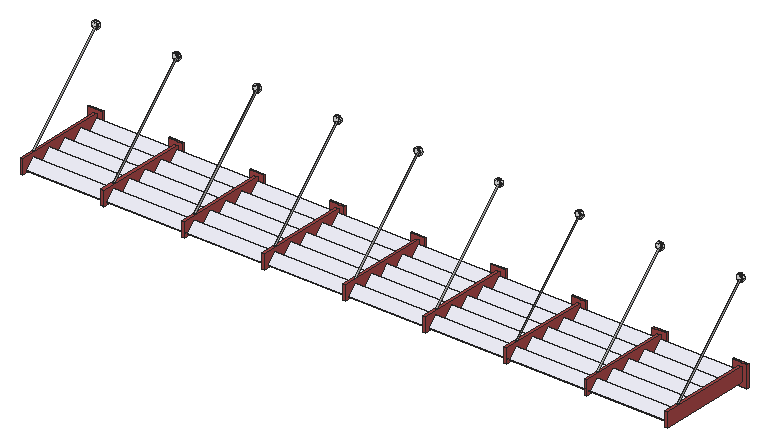
Revit family "rac_advanced_sample_family", category Generic Models, Revit 2016
Family settings
  Part Type = Normal
  Can host rebar = No
  Round Connector Dimension = Use Diameter
  Cut with Voids When Loaded = No
  Shared = No
  Room Calculation Point = No
Parameters (values of type "M_Solar_Shade_Complete")
  Window_Sill_Height [instance] = 1000 mm
  Support_Length [instance] = roundup((Shadow_Length / 1 mm) * tan(Rel_Angle)) * 1 mm  # 653 mm
  Support_Hanger [instance] = Support_Length > 400 mm  # yes
  Sun_Angle [instance] = 65.00°
  Shadow_Length [instance] = Mounting_Height - Window_Sill_Height  # 1400 mm
  Shade_Factor [instance] = if(Desired_Shading_Percent < 65, "Low", if(Desired_Shading_Percent < 79, "Med.", if(Desired_Shading_Percent < 99, "High", "Max.")))  # "Med."
  Rel_Angle [instance] = 90.00° - Sun_Angle  # 25.00°
  Number of Supports [instance] = ([built-in parameter 1001306] / Max_Support_Spacing) + 1  # 9
  Mounting_Height [instance] = 2400 mm
  Max_Support_Spacing [instance] = 600 mm
  Max Louver Spacing [instance] = Support_Length - (Support_Length * (Desired_Shading_Percent * 0.01))  # 163.25 mm
  Louver Number [instance] = (Support_Length / Max Louver Spacing) + 1  # 5
  built-in parameter 1001306 [instance] = 4500 mm
  Desired_Shading_Percent [instance] = 75
  Assembly Code = ""
Reference planes
  plane 1 "Center (Front/Back)": y = 0
  plane 2: z = 0
  plane 3 "Left": x = 0
  plane 4 "Right": x = 4500
  plane 5: z = 2400
  plane 6: y = -653
  plane 7: y = -603
  plane 8: y = -50
Lines and regions (mm)
  reference lines
    curve 1: line (0, 0, 0) -> (4500, 0, 0)
  symbolic lines, style "Overhead"
    curve 2: line (0, -653, 0) -> (4500, -653, 0)
Dimensions and locks
  "built-in parameter 1001306": plane 3 "Left" to plane 4 "Right"
  "Mounting_Height": plane 5 to level
  "Support_Length": plane 6 to plane 1 "Center (Front/Back)"
  equal spacing: group 1, group 3, group 4, group 5, group 6, group 9, group 10, group 11, group 2  (x3)
  locked: plane 6 to plane 7 at 50
  locked: plane 8 to plane 1 "Center (Front/Back)" at 50
  equal spacing: group 7, group 12, group 13, group 14, group 8  (x2)
  equal spacing: group 8, group 14, group 13, group 12, group 7
  aligned and locked: plane 4 "Right" to curve 1
  aligned and locked: plane 1 "Center (Front/Back)" to curve 1
  aligned and locked: plane 3 "Left" to curve 1
  aligned and locked: plane 1 "Center (Front/Back)" to nested 1
  aligned and locked: plane 3 "Left" to nested 1
  aligned and locked: plane 5 to nested 1
  aligned and locked: nested 2 to plane 4 "Right"
  aligned and locked: nested 2 to plane 5
  aligned and locked: plane 3 "Left" to nested 5
  aligned and locked: plane 5 to nested 5
  aligned and locked: nested 5 to plane 8
  aligned and locked: nested 8 to plane 7
  aligned and locked: plane 5 to nested 8
  aligned and locked: plane 3 "Left" to curve 2
  aligned and locked: curve 2 to plane 4 "Right"
  aligned and locked: curve 2 to plane 6
Nested families
  nested 1: "Support Beam" at (0, 0, 2400), Hanger_Visible <- "Support_Hanger", type "Hung Support"
    with Hanger_Visible yes, Support Length 653 mm
  nested 2: "Support Beam" at (4500, 0, 2400), Hanger_Visible <- "Support_Hanger", type "Hung Support"
    with Hanger_Visible yes, Support Length 653 mm
  nested 3: "Support Beam" at (562.5, 0, 2400), Hanger_Visible <- "Support_Hanger", type "Hung Support"
    with Hanger_Visible yes, Support Length 653 mm
  nested 4: "Support Beam" at (1125, 0, 2400), Hanger_Visible <- "Support_Hanger", type "Hung Support"
    with Hanger_Visible yes, Support Length 653 mm
  nested 5: "Louver" at (0, -50, 2400), type "Louver"
    with Length 4500 mm
  nested 6: "Support Beam" at (1687.5, 0, 2400), Hanger_Visible <- "Support_Hanger", type "Hung Support"
    with Hanger_Visible yes, Support Length 653 mm
  nested 7: "Support Beam" at (2250, 0, 2400), Hanger_Visible <- "Support_Hanger", type "Hung Support"
    with Hanger_Visible yes, Support Length 653 mm
  nested 8: "Louver" at (0, -603, 2400), type "Louver"
    with Length 4500 mm
  nested 9: "Support Beam" at (2812.5, 0, 2400), Hanger_Visible <- "Support_Hanger", type "Hung Support"
    with Hanger_Visible yes, Support Length 653 mm
  nested 10: "Support Beam" at (3375, 0, 2400), Hanger_Visible <- "Support_Hanger", type "Hung Support"
    with Hanger_Visible yes, Support Length 653 mm
  nested 11: "Support Beam" at (3937.5, 0, 2400), Hanger_Visible <- "Support_Hanger", type "Hung Support"
    with Hanger_Visible yes, Support Length 653 mm
  nested 12: "Louver" at (0, -188.25, 2400), type "Louver"
    with Length 4500 mm
  nested 13: "Louver" at (0, -326.5, 2400), type "Louver"
    with Length 4500 mm
  nested 14: "Louver" at (0, -464.75, 2400), type "Louver"
    with Length 4500 mm
Definition of nested family "Support Beam"
  Parameters
    Support Length = 642 mm
    Mounting Height = 2400 mm
    Hanger_Visible [instance] = yes
    Assembly Code = ""
  Reference planes
    plane 1 "Center (Front/Back)": y = 0
    plane 2: z = 0
    plane 3 "Center (Left/Right)": x = 0
    plane 4 "Left Edge": x = -10
    plane 5 "Right Edge": x = 10
    plane 6: y = -642
    plane 7: y = -542
    plane 8: z = 600
    plane 9: z = -600
    plane 10: z = -2400
  Forms (mm)
    Extrusion 1, solid
      sketch origin (0, 0, 0) x (1, 0, 0) y (0, 0, 1)
        loop
          line (-50, 75) -> (-50, -75) -> (50, -75) -> (50, 75) -> (-50, 75)
      from 0 to 10
    Extrusion 2, solid
      sketch origin (-10, 0, 0) x (0, 1, 0) y (0, 0, 1)
        loop
          line (-642, 50) -> (-642, -50) -> (0, -50) -> (0, 50) -> (-642, 50)
      from 0 to 20
    Sweep 3, solid, visible <- "Hanger_Visible"
      path origin (0, 0, 0) x (0, 1, 0) y (0, 0, 1)
        loop
          line (-542, 50) -> (0, 600)
      profile origin (0, -271, 325) x (0, -0.712268, 0.701908) y (1, 0, 0)
        loop
          circle (0, 0) r 4
    Extrusion 4, solid, visible <- "Hanger_Visible"
      sketch origin (0, 0, 0) x (1, 0, 0) y (0, 0, 1)
        loop
          circle (0, 600) r 25
      from 0 to 10
    Extrusion 5, solid, visible <- "Hanger_Visible"
      sketch origin (0, 0, 0) x (1, 0, 0) y (0, 0, 1)
        loop
          circle (0, 600) r 19
      from 0 to 15
  Lines and regions (mm)
    symbolic lines
      curve 1: line (0, 0, 0) -> (0, -542, 0)
    model lines
      curve 2: line (0, 0, 0) -> (0, 0, -2400)
  Dimensions and locks
    "Support Length": plane 6 to plane 1 "Center (Front/Back)"
    locked: plane 6 to plane 7 at 100
    locked: plane 8 to level at 600
    locked: level to plane 9 at 600
    "Mounting Height": plane 2 to plane 10
    aligned and locked: plane 1 "Center (Front/Back)" to Extrusion 2 sketch curve
    aligned and locked: plane 6 to Extrusion 2 sketch curve
    aligned and locked: Extrusion 2 to Sweep 3 sketch curve
    aligned and locked: plane 1 "Center (Front/Back)" to Sweep 3 sketch curve
    aligned and locked: plane 1 "Center (Front/Back)" to curve 1
    aligned and locked: plane 7 to curve 1
    aligned and locked: curve 1 to plane 3 "Center (Left/Right)"
    aligned and locked: plane 2 to curve 2
    aligned and locked: plane 10 to curve 2
    aligned and locked: curve 2 to plane 3 "Center (Left/Right)"
  Automatic sketch dimensions
    Extrusion 1 sketch curve to plane 4 "Left Edge" = 40 mm
    plane 5 "Right Edge" to Extrusion 1 sketch curve = 40 mm
    Extrusion 1 sketch curve to level = 75 mm
    level to Extrusion 1 sketch curve = 75 mm
    Extrusion 2 sketch curve to level = 50 mm
    level to Extrusion 2 sketch curve = 50 mm
    Sweep 3 sketch curve to plane 7 = 0 mm
    Sweep 3 sketch curve to plane 8 = 0 mm
    Sweep 3 sketch curve to plane 3 "Center (Left/Right)" = 0 mm
    Sweep 3 sketch curve to profile plane = 0 mm
    Extrusion 4 sketch curve to plane 3 "Center (Left/Right)" = 0 mm
    Extrusion 4 sketch curve to plane 8 = 0 mm
    Extrusion 5 sketch curve to plane 3 "Center (Left/Right)" = 0 mm
    Extrusion 5 sketch curve to plane 8 = 0 mm
    radius of Sweep 3 sketch curve = 4 mm
    radius of Extrusion 4 sketch curve = 25 mm
    radius of Extrusion 5 sketch curve = 19 mm
Definition of nested family "Louver"
  Parameters
    Length = 1500 mm
  Reference planes
    plane 1 "Center (Front/Back)": y = 0
    plane 2: z = 0
    plane 3 "Center (Left/Right)": x = 0
    plane 4: x = 1500
  Forms (mm)
    Extrusion 1, solid
      sketch origin (0, 0, 0) x (0, 1, 0) y (0, 0, 1)
        loop
          line (-30.052, -30.052) -> (-22.981, -37.123) -> (37.123, 22.981) -> (30.052, 30.052) -> (-30.052, -30.052)
      from 0 to 1500
  Dimensions and locks
    "Length": plane 3 "Center (Left/Right)" to plane 4
    aligned and locked: plane 4 to Extrusion 1
  Automatic sketch dimensions
    plane 1 "Center (Front/Back)" to Extrusion 1 sketch curve = 30.052 mm
    Extrusion 1 sketch curve to Extrusion 1 sketch curve = 60.104 mm
    Extrusion 1 sketch curve to Extrusion 1 sketch curve = 7.071 mm  (x2)
    Extrusion 1 sketch curve to level = 37.123 mm
